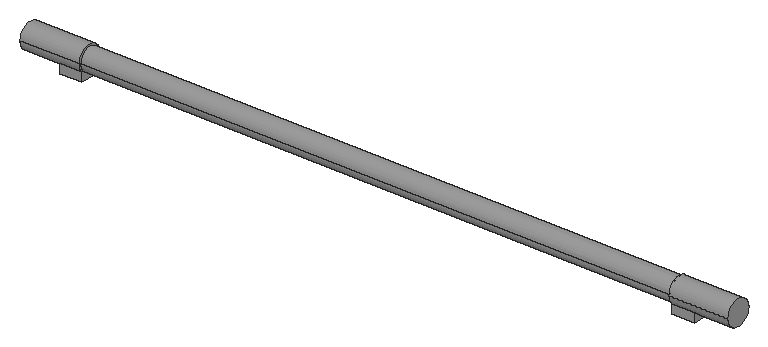
Revit family "0045151 Feilo Sylvania Lighting Fixture START BATTEN  IP65 20W 1200 4K", category Lighting Fixtures, host Face, Revit 2017
Family settings
  Host = Face
  Round Connector Dimension = Use Diameter
  Part Type = Normal
  OmniClass Number = 23.80.70.00
  OmniClass Title = Lighting
  Cut with Voids When Loaded = No
  Light Source = Yes
  Shared = No
  Room Calculation Point = No
Parameters (values of type "0045151 START BATTEN  IP65 20W 1200 4K")
  Weight = "7.284 kg"
  Wattage Comments = ""
  Wattage = 20 W
  WarrantyStartDate [instance] = "n/a"
  WarrantyGuarantorParts = "n/a"
  WarrantyDurationUnit = "n/a"
  WarrantyDurationParts = "n/a"
  WarrantyDescription = "n/a"
  built-in parameter 1150110 = 1 (stored number, unit not read)
  Voltage = 230 V
  URL = "http://www.sylvania-lighting.com"
  TypeName = "START BATTEN  IP65 20W 1200 4K"
  Type Image = <None>
  Type Comments = "n/a"
  built-in parameter 1114217 = 1 (stored number, unit not read)
  Tilt Angle = -90.00°
  built-in parameter 1150109 = 1 (stored number, unit not read)
  built-in parameter 1150134 = 12
  built-in parameter 1150113 = 1 (stored number, unit not read)
  SerialNumber [instance] = "n/a"
  RadiusGlandOuter_FEILO = 10 mm
  RadiusGlandInner_FEILO = 5 mm
  RadiusBody_FEILO = 22 mm
  Photometric Web File = "0045151.ies"
  Material_3_FEILO = none
  PowerFactor = 0
  PowerConsumption = "20 W"
  NominalLength = 1200 mm
  NominalHeight = 52.8 mm
  NominalDepth = 42 mm
  Name = "START BATTEN  IP65 20W 1200 4K"
  ModelReference = Name  # "START BATTEN  IP65 20W 1200 4K"
  ModelNumber = "0045151"
  Model = Name  # "START BATTEN  IP65 20W 1200 4K"
  Material = "polycarbonate housing, pc diffuser"
  ManufacturerName = "Feilo Sylvania"
  Manufacturer = "Feilo Sylvania"
  LuminousEfficacy = "125 lm/W"
  built-in parameter 1150105 = 547.23 (stored number, unit not read)
  Lumens = 2500 lm
  LuminaireType = ""
  built-in parameter 1150115 = 1 (stored number, unit not read)
  Long_FEILO = no
  LightOutputRatio = "100"
  built-in parameter 1150137 = (empty or 0)
  built-in parameter 1150139 = (empty or 0)
  LampsType = Lamp  # "LED"
  LampNominalLuminous = "2500 lm"
  LampMacAdamStep = "n/a"
  LampColourTemperature = "4000 K"
  LampColourRenderingIndex = "80"
  built-in parameter 1150112 = 1 (stored number, unit not read)
  built-in parameter 1150114 = 1 (stored number, unit not read)
  Lamp = "LED"
  L3_FEILO = if(Long_FEILO, 1378 mm, 1078 mm)  # 1078 mm
  L2_FEILO = if(Long_FEILO, 1543 mm, 1246 mm)  # 1246 mm
  L1_FEILO = if(Long_FEILO, 1588 mm, 1291 mm)  # 1291 mm
  Keynote = "16500"
  InstallationDate [instance] = "n/a"
  InputVoltage = "220-240V~"
  InputNominalFrequency = "50/60 Hz"
  built-in parameter 1150132 = (empty or 0)
  built-in parameter 1150102 = (empty or 0)
  built-in parameter 1150107 = 4000 (stored number, unit not read)
  built-in parameter 1150138 = (empty or 0)
  IngressProtection = "IP65"
  ImpactProtectionIndex = "IK08"
  built-in parameter 1150106 = 5.4723 (stored number, unit not read)
  IfcExportType = "IfcLightFixtureType"
  IfcExportAs = "IfcLightFixtureType"
  ExpectedLife = 50000
  Emit from Rectangle Width = 25 mm
  Emit from Rectangle Length = L3_FEILO - 40 mm  # 1038 mm
  Emit Shape Visible in Rendering = no
  ElectricShockClassification = "Class II"
  built-in parameter 1150104 = 11.613 (stored number, unit not read)
  DurationUnit = "hours"
  DocumentationLiterature = "http://www.sylvania-lighting.com/product/en-int/products/0045151"
  DimmingControlOptions = "n/a"
  Material_2_FEILO = Diffuser-Sylvania-StartBatten
  Dimming Lamp Color Temperature Shift = <None>
  Description = "The new upgraded Start Batten IP65 ( upgraded version of Batten LED LINK) is a versatile range of slimline LED waterproof luminaires that provide an ideal solution for interior and exterior applications such as workshops, garages and outdoor covered spaces. The  design allows the luminaire to be easily linked to another luminaire through an IP65 rated connector. The performance of the range  has been significantly improved ,  for example Start Twin Batten IP65 LED delivers  a performance of up to 6000lm (125lm/W). Available in 1200mm and 1500mm lengths (approx.) - the product can be a slimline replacement for single and twin 36W/58W fluorescent waterproof battens."
  Default Elevation = 1219.2 mm
  CreatedOn = "3/8/2018"
  CreatedBy = ""
  Cost = 0
  Color Filter = 16777215
  built-in parameter 1114216 [instance] = (empty or 0)
  ClassificationValue = "EF_70_80"
  ClassificationName = "Uniclass2015"
  Material_1_FEILO = Body-Sylvania-StartBatten
  BarCode [instance] = "n/a"
  built-in parameter 1114218 = 1 (stored number, unit not read)
  built-in parameter 1150133 = 10 (stored number, unit not read)
  AssetType = "Fixed"
  AssetIdentifier [instance] = "n/a"
  Assembly Code = "D5020200"
  Apparent Load = 20 VA
  Material_4_FEILO = none
Reference planes
  plane 1 "Center (Front/Back)": y = 0
  plane 2: z = 0
  plane 3 "Center (Left/Right)": x = 0
  plane 4: z = 53
  plane 5: y = -22
  plane 6: y = 22
  plane 7: z = 9
  plane 8: z = 31
  plane 9: y = -16
  plane 10: y = 16
  plane 11: x = 539
  plane 12: x = 539
  plane 13: x = -539
  plane 14: x = -623
  plane 15: x = 623
  plane 16: x = -645.5
  plane 17: x = 645.5
  plane 18: x = -519
  plane 19: x = 519
  plane 20: x = 559
  plane 21: x = -559
Forms (mm)
  Extrusion 1, solid, material "Body-Sylvania-StartBatten" <- "Material_1_FEILO"
    sketch origin (-539, 1524, 1219.2) x (0, 1, 0) y (0, 0, 1)
      loop
        circle (-1524, -1188.2) r 22
    from -84 to 20
  Extrusion 2, solid, material "Body-Sylvania-StartBatten" <- "Material_1_FEILO"
    sketch origin (539, 1524, 1219.2) x (0, 1, 0) y (0, 0, 1)
      loop
        circle (-1524, -1188.2) r 22
    from 84 to -20
  Extrusion 3, solid, material "Diffuser-Sylvania-StartBatten" <- "Material_2_FEILO"
    sketch origin (0, 0, 0) x (0, 1, 0) y (0, 0, 1)
      loop
        circle (0, 31) r 20
    from -519 to 519
  Extrusion 4, solid, material "Body-Sylvania-StartBatten" <- "Material_1_FEILO"
    sketch origin (-539, 1524, 1219.2) x (0, 1, 0) y (0, 0, 1)
      loop
        line (-1540, -1219.2) -> (-1508, -1219.2) -> (-1508, -1188.2) -> (-1540, -1188.2) -> (-1540, -1219.2)
    from -20 to 20
  Extrusion 5, solid, material "Body-Sylvania-StartBatten" <- "Material_1_FEILO"
    sketch origin (539, 1524, 1219.2) x (0, 1, 0) y (0, 0, 1)
      loop
        line (-1540, -1188.2) -> (-1540, -1219.2) -> (-1508, -1219.2) -> (-1508, -1188.2) -> (-1540, -1188.2)
    from -20 to 20
Cuts and joins
  joined: Extrusion 1, Extrusion 4
  joined: Extrusion 2, Extrusion 5
Dimensions and locks
  equal spacing: plane 5, plane 1 "Center (Front/Back)", plane 6
  locked: plane 5 to plane 6 at 44
  locked: plane 4 to plane 2 at 53
  equal spacing: plane 9, plane 1 "Center (Front/Back)", plane 10
  locked: plane 5 to plane 9 at 6
  equal spacing: plane 13, plane 3 "Center (Left/Right)", plane 12
  "L3_FEILO": plane 13 to plane 12
  equal spacing: plane 14, plane 3 "Center (Left/Right)", plane 15
  "L2_FEILO": plane 14 to plane 15
  equal spacing: plane 16, plane 3 "Center (Left/Right)", plane 17
  "L1_FEILO": plane 16 to plane 17
  locked: plane 4 to plane 8 at 22
  locked: plane 8 to plane 7 at 22
  equal spacing: plane 18, plane 3 "Center (Left/Right)", plane 19
  locked: plane 13 to plane 18 at 20
  equal spacing: plane 21, plane 3 "Center (Left/Right)", plane 20
  locked: plane 21 to plane 13 at 20
  "RadiusBody_FEILO": radius of Extrusion 1 sketch curve
  aligned and locked: plane 2 to host face
  aligned and locked: level to host face
  aligned and locked: Extrusion 1 to plane 14
  aligned and locked: Extrusion 2 sketch curve to Extrusion 1  (x2)
  aligned and locked: plane 15 to Extrusion 2
  aligned and locked: plane 18 to Extrusion 1
  aligned and locked: Extrusion 3 to Extrusion 1
  aligned and locked: plane 19 to Extrusion 3
  aligned and locked: Extrusion 2 to Extrusion 3
  aligned and locked: Extrusion 4 sketch curve to level
  aligned and locked: plane 9 to Extrusion 4 sketch curve
  aligned and locked: plane 8 to Extrusion 4 sketch curve
  aligned and locked: Extrusion 4 sketch curve to plane 10
  aligned and locked: Extrusion 1 to Extrusion 4
  aligned and locked: Extrusion 4 to plane 21
  aligned and locked: Extrusion 5 sketch curve to Extrusion 4  (x4)
  aligned and locked: plane 20 to Extrusion 5
  aligned and locked: Extrusion 2 to Extrusion 5
  aligned and locked: plane 4 to imposter light
  aligned and locked: imposter light to plane 1 "Center (Front/Back)"
  aligned and locked: plane 3 "Center (Left/Right)" to imposter light
Automatic sketch dimensions
  host sketch curve to host sketch curve = 2438.4 mm  (x2)
  Extrusion 1 sketch curve to plane 1 "Center (Front/Back)" = 0 mm
  Extrusion 1 sketch curve to plane 8 = 0 mm
  Extrusion 3 sketch curve to plane 8 = 0 mm
  Extrusion 3 sketch curve to plane 1 "Center (Front/Back)" = 0 mm
  Extrusion 3 sketch curve to plane 5 = 2 mm
Connectors
  electrical at (0, 0, 0), driven by "Apparent Load", driven by "PowerFactor", driven by "Voltage"
    settings: index 1, voltage 230 V, apparent load 20 VA, apparent load phase1 0 VA, apparent load phase2 0 VA, apparent load phase3 0 VA, power factor 0, load classification "Lighting", number of poles 1, system type 30, power factor state 1, is connector primary yes, connector utility no, sub classification motor no, connector description ""
